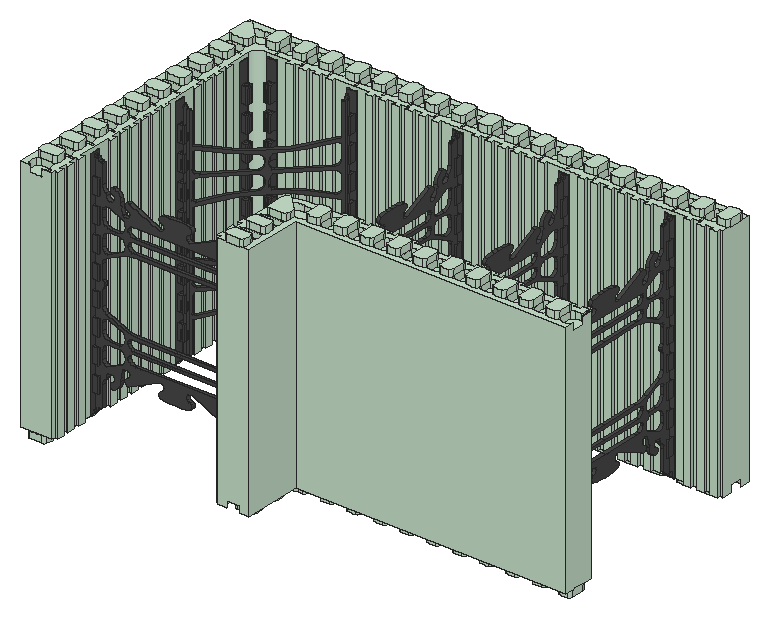
Revit family (continued)
Forms (in)
  Extrusion 50, void
    sketch origin (3, 3, 0) x (-1, 0, 0) y (0, -1, 0)
      loop
        arc (-1.17308, -5.13595) -> (-1.04785, -5.04517) -> (-1, -4.89808) r 0.25
        line (-1, -4.89808) -> (-1, -3.97692)
        arc (-1, -3.97692) -> (-1.04785, -3.82983) -> (-1.17308, -3.73905) r 0.25
        arc (-1.17308, -3.73905) -> (-1.42092, -3.69045) -> (-1.67323, -3.70172) r 1.0625
        arc (-1.67323, -3.70172) -> (-1.72385, -3.68771) -> (-1.74592, -3.64005) r 0.0625
        line (-1.74592, -3.64005) -> (-1.74592, -3.41845) -> (-1.91675, -3.41845) -> (-1.91675, -3.76455)
        arc (-1.91675, -3.76455) -> (-1.92106, -3.78736) -> (-1.9334, -3.80702) r 0.0625
        arc (-1.9334, -3.80702) -> (-1.98276, -3.88568) -> (-2, -3.97692) r 0.25
        line (-2, -3.97692) -> (-2, -4.89808)
        arc (-2, -4.89808) -> (-1.95215, -5.04517) -> (-1.82692, -5.13595) r 0.25
    from 0 to 0.5
  Extrusion 51, void
    sketch origin (5, 3, 0) x (-1, 0, 0) y (0, -1, 0)
      loop
        arc (-1.82692, -5.13595) -> (-1.5, -5.1875) -> (-1.17308, -5.13595) r 1.0625
        arc (-1.17308, -5.13595) -> (-1.04785, -5.04517) -> (-1, -4.89808) r 0.25
        line (-1, -4.89808) -> (-1, -3.97692)
        arc (-1, -3.97692) -> (-1.04785, -3.82983) -> (-1.17308, -3.73905) r 0.25
        arc (-1.17308, -3.73905) -> (-1.42092, -3.69045) -> (-1.67323, -3.70172) r 1.0625
        arc (-1.67323, -3.70172) -> (-1.72385, -3.68771) -> (-1.74592, -3.64005) r 0.0625
        line (-1.74592, -3.64005) -> (-1.74592, -3.41845) -> (-1.91675, -3.41845) -> (-1.91675, -3.76455)
        arc (-1.91675, -3.76455) -> (-1.92106, -3.78736) -> (-1.9334, -3.80702) r 0.0625
        arc (-1.9334, -3.80702) -> (-1.98276, -3.88568) -> (-2, -3.97692) r 0.25
        line (-2, -3.97692) -> (-2, -4.89808)
        arc (-2, -4.89808) -> (-1.95215, -5.04517) -> (-1.82692, -5.13595) r 0.25
    from 0 to 0.5
  Extrusion 52, void
    sketch origin (7, 3, 0) x (-1, 0, 0) y (0, -1, 0)
      loop
        arc (-1.82692, -5.13595) -> (-1.5, -5.1875) -> (-1.17308, -5.13595) r 1.0625
        arc (-1.17308, -5.13595) -> (-1.04785, -5.04517) -> (-1, -4.89808) r 0.25
        line (-1, -4.89808) -> (-1, -3.97692)
        arc (-1, -3.97692) -> (-1.04785, -3.82983) -> (-1.17308, -3.73905) r 0.25
        arc (-1.17308, -3.73905) -> (-1.42092, -3.69045) -> (-1.67323, -3.70172) r 1.0625
        arc (-1.67323, -3.70172) -> (-1.72385, -3.68771) -> (-1.74592, -3.64005) r 0.0625
        line (-1.74592, -3.64005) -> (-1.74592, -3.41845) -> (-1.91675, -3.41845) -> (-1.91675, -3.76455)
        arc (-1.91675, -3.76455) -> (-1.92106, -3.78736) -> (-1.9334, -3.80702) r 0.0625
        arc (-1.9334, -3.80702) -> (-1.98276, -3.88568) -> (-2, -3.97692) r 0.25
        line (-2, -3.97692) -> (-2, -4.89808)
        arc (-2, -4.89808) -> (-1.95215, -5.04517) -> (-1.82692, -5.13595) r 0.25
    from 0 to 0.5
  Extrusion 53, void
    sketch origin (9, 3, 0) x (-1, 0, 0) y (0, -1, 0)
      loop
        arc (-1.82692, -5.13595) -> (-1.5, -5.1875) -> (-1.17308, -5.13595) r 1.0625
        arc (-1.17308, -5.13595) -> (-1.04785, -5.04517) -> (-1, -4.89808) r 0.25
        line (-1, -4.89808) -> (-1, -3.97692)
        arc (-1, -3.97692) -> (-1.04785, -3.82983) -> (-1.17308, -3.73905) r 0.25
        arc (-1.17308, -3.73905) -> (-1.42092, -3.69045) -> (-1.67323, -3.70172) r 1.0625
        arc (-1.67323, -3.70172) -> (-1.72385, -3.68771) -> (-1.74592, -3.64005) r 0.0625
        line (-1.74592, -3.64005) -> (-1.74592, -3.41845) -> (-1.91675, -3.41845) -> (-1.91675, -3.76455)
        arc (-1.91675, -3.76455) -> (-1.92106, -3.78736) -> (-1.9334, -3.80702) r 0.0625
        arc (-1.9334, -3.80702) -> (-1.98276, -3.88568) -> (-2, -3.97692) r 0.25
        line (-2, -3.97692) -> (-2, -4.89808)
        arc (-2, -4.89808) -> (-1.95215, -5.04517) -> (-1.82692, -5.13595) r 0.25
    from 0 to 0.5
  Extrusion 54, void
    sketch origin (11, 3, 0) x (-1, 0, 0) y (0, -1, 0)
      loop
        arc (-1.82692, -5.13595) -> (-1.5, -5.1875) -> (-1.17308, -5.13595) r 1.0625
        arc (-1.17308, -5.13595) -> (-1.04785, -5.04517) -> (-1, -4.89808) r 0.25
        line (-1, -4.89808) -> (-1, -3.97692)
        arc (-1, -3.97692) -> (-1.04785, -3.82983) -> (-1.17308, -3.73905) r 0.25
        arc (-1.17308, -3.73905) -> (-1.42092, -3.69045) -> (-1.67323, -3.70172) r 1.0625
        arc (-1.67323, -3.70172) -> (-1.72385, -3.68771) -> (-1.74592, -3.64005) r 0.0625
        line (-1.74592, -3.64005) -> (-1.74592, -3.41845) -> (-1.91675, -3.41845) -> (-1.91675, -3.76455)
        arc (-1.91675, -3.76455) -> (-1.92106, -3.78736) -> (-1.9334, -3.80702) r 0.0625
        arc (-1.9334, -3.80702) -> (-1.98276, -3.88568) -> (-2, -3.97692) r 0.25
        line (-2, -3.97692) -> (-2, -4.89808)
        arc (-2, -4.89808) -> (-1.95215, -5.04517) -> (-1.82692, -5.13595) r 0.25
    from 0 to 0.5
  Extrusion 55, void
    sketch origin (13, 3, 0) x (-1, 0, 0) y (0, -1, 0)
      loop
        arc (-1.82692, -5.13595) -> (-1.5, -5.1875) -> (-1.17308, -5.13595) r 1.0625
        arc (-1.17308, -5.13595) -> (-1.04785, -5.04517) -> (-1, -4.89808) r 0.25
        line (-1, -4.89808) -> (-1, -3.97692)
        arc (-1, -3.97692) -> (-1.04785, -3.82983) -> (-1.17308, -3.73905) r 0.25
        arc (-1.17308, -3.73905) -> (-1.42092, -3.69045) -> (-1.67323, -3.70172) r 1.0625
        arc (-1.67323, -3.70172) -> (-1.72385, -3.68771) -> (-1.74592, -3.64005) r 0.0625
        line (-1.74592, -3.64005) -> (-1.74592, -3.41845) -> (-1.91675, -3.41845) -> (-1.91675, -3.76455)
        arc (-1.91675, -3.76455) -> (-1.92106, -3.78736) -> (-1.9334, -3.80702) r 0.0625
        arc (-1.9334, -3.80702) -> (-1.98276, -3.88568) -> (-2, -3.97692) r 0.25
        line (-2, -3.97692) -> (-2, -4.89808)
        arc (-2, -4.89808) -> (-1.95215, -5.04517) -> (-1.82692, -5.13595) r 0.25
    from 0 to 0.5
  Extrusion 56, void
    sketch origin (15, 3, 0) x (-1, 0, 0) y (0, -1, 0)
      loop
        arc (-1.82692, -5.13595) -> (-1.5, -5.1875) -> (-1.17308, -5.13595) r 1.0625
        arc (-1.17308, -5.13595) -> (-1.04785, -5.04517) -> (-1, -4.89808) r 0.25
        line (-1, -4.89808) -> (-1, -3.97692)
        arc (-1, -3.97692) -> (-1.04785, -3.82983) -> (-1.17308, -3.73905) r 0.25
        arc (-1.17308, -3.73905) -> (-1.42092, -3.69045) -> (-1.67323, -3.70172) r 1.0625
        arc (-1.67323, -3.70172) -> (-1.72385, -3.68771) -> (-1.74592, -3.64005) r 0.0625
        line (-1.74592, -3.64005) -> (-1.74592, -3.41845) -> (-1.91675, -3.41845) -> (-1.91675, -3.76455)
        arc (-1.91675, -3.76455) -> (-1.92106, -3.78736) -> (-1.9334, -3.80702) r 0.0625
        arc (-1.9334, -3.80702) -> (-1.98276, -3.88568) -> (-2, -3.97692) r 0.25
        line (-2, -3.97692) -> (-2, -4.89808)
        arc (-2, -4.89808) -> (-1.95215, -5.04517) -> (-1.82692, -5.13595) r 0.25
    from 0 to 0.5
  Extrusion 57, void
    sketch origin (17, 3, 0) x (-1, 0, 0) y (0, -1, 0)
      loop
        arc (-1.82692, -5.13595) -> (-1.5, -5.1875) -> (-1.17308, -5.13595) r 1.0625
        arc (-1.17308, -5.13595) -> (-1.04785, -5.04517) -> (-1, -4.89808) r 0.25
        line (-1, -4.89808) -> (-1, -3.97692)
        arc (-1, -3.97692) -> (-1.04785, -3.82983) -> (-1.17308, -3.73905) r 0.25
        arc (-1.17308, -3.73905) -> (-1.42092, -3.69045) -> (-1.67323, -3.70172) r 1.0625
        arc (-1.67323, -3.70172) -> (-1.72385, -3.68771) -> (-1.74592, -3.64005) r 0.0625
        line (-1.74592, -3.64005) -> (-1.74592, -3.41845) -> (-1.91675, -3.41845) -> (-1.91675, -3.76455)
        arc (-1.91675, -3.76455) -> (-1.92106, -3.78736) -> (-1.9334, -3.80702) r 0.0625
        arc (-1.9334, -3.80702) -> (-1.98276, -3.88568) -> (-2, -3.97692) r 0.25
        line (-2, -3.97692) -> (-2, -4.89808)
        arc (-2, -4.89808) -> (-1.95215, -5.04517) -> (-1.82692, -5.13595) r 0.25
    from 0 to 0.5
  Extrusion 58, void
    sketch origin (19, 3, 0) x (-1, 0, 0) y (0, -1, 0)
      loop
        arc (-1.82692, -5.13595) -> (-1.5, -5.1875) -> (-1.17308, -5.13595) r 1.0625
        arc (-1.17308, -5.13595) -> (-1.04785, -5.04517) -> (-1, -4.89808) r 0.25
        line (-1, -4.89808) -> (-1, -3.97692)
        arc (-1, -3.97692) -> (-1.04785, -3.82983) -> (-1.17308, -3.73905) r 0.25
        arc (-1.17308, -3.73905) -> (-1.42092, -3.69045) -> (-1.67323, -3.70172) r 1.0625
        arc (-1.67323, -3.70172) -> (-1.72385, -3.68771) -> (-1.74592, -3.64005) r 0.0625
        line (-1.74592, -3.64005) -> (-1.74592, -3.41845) -> (-1.91675, -3.41845) -> (-1.91675, -3.76455)
        arc (-1.91675, -3.76455) -> (-1.92106, -3.78736) -> (-1.9334, -3.80702) r 0.0625
        arc (-1.9334, -3.80702) -> (-1.98276, -3.88568) -> (-2, -3.97692) r 0.25
        line (-2, -3.97692) -> (-2, -4.89808)
        arc (-2, -4.89808) -> (-1.95215, -5.04517) -> (-1.82692, -5.13595) r 0.25
    from 0 to 0.5
  Extrusion 59, void
    sketch origin (21, 3, 0) x (-1, 0, 0) y (0, -1, 0)
      loop
        arc (-1.82692, -5.13595) -> (-1.5, -5.1875) -> (-1.17308, -5.13595) r 1.0625
        arc (-1.17308, -5.13595) -> (-1.04785, -5.04517) -> (-1, -4.89808) r 0.25
        line (-1, -4.89808) -> (-1, -3.97692)
        arc (-1, -3.97692) -> (-1.04785, -3.82983) -> (-1.17308, -3.73905) r 0.25
        arc (-1.17308, -3.73905) -> (-1.42092, -3.69045) -> (-1.67323, -3.70172) r 1.0625
        arc (-1.67323, -3.70172) -> (-1.72385, -3.68771) -> (-1.74592, -3.64005) r 0.0625
        line (-1.74592, -3.64005) -> (-1.74592, -3.41845) -> (-1.91675, -3.41845) -> (-1.91675, -3.76455)
        arc (-1.91675, -3.76455) -> (-1.92106, -3.78736) -> (-1.9334, -3.80702) r 0.0625
        arc (-1.9334, -3.80702) -> (-1.98276, -3.88568) -> (-2, -3.97692) r 0.25
        line (-2, -3.97692) -> (-2, -4.89808)
        arc (-2, -4.89808) -> (-1.95215, -5.04517) -> (-1.82692, -5.13595) r 0.25
    from 0 to 0.5
  Extrusion 60, void
    sketch origin (3, -21, 0) x (1, 0, 0) y (0, 1, 0)
      loop
        arc (3.97692, 9) -> (3.82983, 8.95215) -> (3.73905, 8.82692) r 0.25
        arc (3.73905, 8.82692) -> (3.69045, 8.57908) -> (3.70172, 8.32677) r 1.0625
        arc (3.70172, 8.32677) -> (3.68771, 8.27615) -> (3.64005, 8.25408) r 0.0625
        line (3.64005, 8.25408) -> (3.41845, 8.25408) -> (3.41845, 8.08325) -> (3.76455, 8.08325)
        arc (3.76455, 8.08325) -> (3.78736, 8.07894) -> (3.80702, 8.0666) r 0.0625
        arc (3.80702, 8.0666) -> (3.88568, 8.01724) -> (3.97692, 8) r 0.25
        line (3.97692, 8) -> (4.89808, 8)
        arc (4.89808, 8) -> (5.04517, 8.04785) -> (5.13595, 8.17308) r 0.25
        arc (5.13595, 8.17308) -> (5.1875, 8.5) -> (5.13595, 8.82692) r 1.0625
        arc (5.13595, 8.82692) -> (5.04517, 8.95215) -> (4.89808, 9) r 0.25
        line (4.89808, 9) -> (3.97692, 9)
    from 0 to 0.5
  Extrusion 61, void
    sketch origin (3, -19, 0) x (1, 0, 0) y (0, 1, 0)
      loop
        arc (3.97692, 9) -> (3.82983, 8.95215) -> (3.73905, 8.82692) r 0.25
        arc (3.73905, 8.82692) -> (3.69045, 8.57908) -> (3.70172, 8.32677) r 1.0625
        arc (3.70172, 8.32677) -> (3.68771, 8.27615) -> (3.64005, 8.25408) r 0.0625
        line (3.64005, 8.25408) -> (3.41845, 8.25408) -> (3.41845, 8.08325) -> (3.76455, 8.08325)
        arc (3.76455, 8.08325) -> (3.78736, 8.07894) -> (3.80702, 8.0666) r 0.0625
        arc (3.80702, 8.0666) -> (3.88568, 8.01724) -> (3.97692, 8) r 0.25
        line (3.97692, 8) -> (4.89808, 8)
        arc (4.89808, 8) -> (5.04517, 8.04785) -> (5.13595, 8.17308) r 0.25
        arc (5.13595, 8.17308) -> (5.1875, 8.5) -> (5.13595, 8.82692) r 1.0625
        arc (5.13595, 8.82692) -> (5.04517, 8.95215) -> (4.89808, 9) r 0.25
        line (4.89808, 9) -> (3.97692, 9)
    from 0 to 0.5
  Extrusion 62, void
    sketch origin (3, -3, 0) x (0, -1, 0) y (1, 0, 0)
      loop
        line (4.6875, 3.6875) -> (5.5, 3.6875)
        arc (5.5, 3.6875) -> (5.58691, 3.69106) -> (5.67323, 3.70172) r 1.0625
        arc (5.67323, 3.70172) -> (5.72385, 3.68771) -> (5.74592, 3.64005) r 0.0625
        line (5.74592, 3.64005) -> (5.74592, 3.41845) -> (5.91675, 3.41845) -> (5.91675, 3.76455)
        arc (5.91675, 3.76455) -> (5.92106, 3.78736) -> (5.9334, 3.80702) r 0.0625
        arc (5.9334, 3.80702) -> (5.98276, 3.88568) -> (6, 3.97692) r 0.25
        line (6, 3.97692) -> (6, 4.89808)
        arc (6, 4.89808) -> (5.95215, 5.04517) -> (5.82692, 5.13595) r 0.25
        arc (5.82692, 5.13595) -> (5.66548, 5.17453) -> (5.5, 5.1875) r 1.0625
        line (5.5, 5.1875) -> (5.1875, 5.1875) -> (3.98039, 3.98039)
        arc (3.98039, 3.98039) -> (4.30482, 3.76362) -> (4.6875, 3.6875) r 1
    from 0 to 0.5
  Extrusion 63, void
    sketch origin (17, -3, 0) x (-1, 0, 0) y (0, -1, 0)
      loop
        arc (7, 3.97692) -> (7.04785, 3.82983) -> (7.17308, 3.73905) r 0.25
        arc (7.17308, 3.73905) -> (7.42092, 3.69045) -> (7.67323, 3.70172) r 1.0625
        arc (7.67323, 3.70172) -> (7.72385, 3.68771) -> (7.74592, 3.64005) r 0.0625
        line (7.74592, 3.64005) -> (7.74592, 3.41845) -> (7.91675, 3.41845) -> (7.91675, 3.76455)
        arc (7.91675, 3.76455) -> (7.92106, 3.78736) -> (7.9334, 3.80702) r 0.0625
        arc (7.9334, 3.80702) -> (7.98276, 3.88568) -> (8, 3.97692) r 0.25
        line (8, 3.97692) -> (8, 4.89808)
        arc (8, 4.89808) -> (7.95215, 5.04517) -> (7.82692, 5.13595) r 0.25
        arc (7.82692, 5.13595) -> (7.5, 5.1875) -> (7.17308, 5.13595) r 1.0625
        arc (7.17308, 5.13595) -> (7.04785, 5.04517) -> (7, 4.89808) r 0.25
        line (7, 4.89808) -> (7, 3.97692)
    from 0 to 0.5
  Extrusion 64, void
    sketch origin (19, -3, 0) x (-1, 0, 0) y (0, -1, 0)
      loop
        arc (7, 3.97692) -> (7.04785, 3.82983) -> (7.17308, 3.73905) r 0.25
        arc (7.17308, 3.73905) -> (7.42092, 3.69045) -> (7.67323, 3.70172) r 1.0625
        arc (7.67323, 3.70172) -> (7.72385, 3.68771) -> (7.74592, 3.64005) r 0.0625
        line (7.74592, 3.64005) -> (7.74592, 3.41845) -> (7.91675, 3.41845) -> (7.91675, 3.76455)
        arc (7.91675, 3.76455) -> (7.92106, 3.78736) -> (7.9334, 3.80702) r 0.0625
        arc (7.9334, 3.80702) -> (7.98276, 3.88568) -> (8, 3.97692) r 0.25
        line (8, 3.97692) -> (8, 4.89808)
        arc (8, 4.89808) -> (7.95215, 5.04517) -> (7.82692, 5.13595) r 0.25
        arc (7.82692, 5.13595) -> (7.5, 5.1875) -> (7.17308, 5.13595) r 1.0625
        arc (7.17308, 5.13595) -> (7.04785, 5.04517) -> (7, 4.89808) r 0.25
        line (7, 4.89808) -> (7, 3.97692)
    from 0 to 0.5
  Extrusion 65, void
    sketch origin (21, -3, 0) x (-1, 0, 0) y (0, -1, 0)
      loop
        arc (7, 3.97692) -> (7.04785, 3.82983) -> (7.17308, 3.73905) r 0.25
        arc (7.17308, 3.73905) -> (7.42092, 3.69045) -> (7.67323, 3.70172) r 1.0625
        arc (7.67323, 3.70172) -> (7.72385, 3.68771) -> (7.74592, 3.64005) r 0.0625
        line (7.74592, 3.64005) -> (7.74592, 3.41845) -> (7.91675, 3.41845) -> (7.91675, 3.76455)
        arc (7.91675, 3.76455) -> (7.92106, 3.78736) -> (7.9334, 3.80702) r 0.0625
        arc (7.9334, 3.80702) -> (7.98276, 3.88568) -> (8, 3.97692) r 0.25
        line (8, 3.97692) -> (8, 4.89808)
        arc (8, 4.89808) -> (7.95215, 5.04517) -> (7.82692, 5.13595) r 0.25
        arc (7.82692, 5.13595) -> (7.5, 5.1875) -> (7.17308, 5.13595) r 1.0625
        arc (7.17308, 5.13595) -> (7.04785, 5.04517) -> (7, 4.89808) r 0.25
        line (7, 4.89808) -> (7, 3.97692)
    from 0 to 0.5
  Extrusion 66, void
    sketch origin (23, -3, 0) x (-1, 0, 0) y (0, -1, 0)
      loop
        arc (7, 3.97692) -> (7.04785, 3.82983) -> (7.17308, 3.73905) r 0.25
        arc (7.17308, 3.73905) -> (7.42092, 3.69045) -> (7.67323, 3.70172) r 1.0625
        arc (7.67323, 3.70172) -> (7.72385, 3.68771) -> (7.74592, 3.64005) r 0.0625
        line (7.74592, 3.64005) -> (7.74592, 3.41845) -> (7.91675, 3.41845) -> (7.91675, 3.76455)
        arc (7.91675, 3.76455) -> (7.92106, 3.78736) -> (7.9334, 3.80702) r 0.0625
        arc (7.9334, 3.80702) -> (7.98276, 3.88568) -> (8, 3.97692) r 0.25
        line (8, 3.97692) -> (8, 4.89808)
        arc (8, 4.89808) -> (7.95215, 5.04517) -> (7.82692, 5.13595) r 0.25
        arc (7.82692, 5.13595) -> (7.5, 5.1875) -> (7.17308, 5.13595) r 1.0625
        arc (7.17308, 5.13595) -> (7.04785, 5.04517) -> (7, 4.89808) r 0.25
        line (7, 4.89808) -> (7, 3.97692)
    from 0 to 0.5
  Extrusion 67, void
    sketch origin (25, -3, 0) x (-1, 0, 0) y (0, -1, 0)
      loop
        arc (7, 3.97692) -> (7.04785, 3.82983) -> (7.17308, 3.73905) r 0.25
        arc (7.17308, 3.73905) -> (7.42092, 3.69045) -> (7.67323, 3.70172) r 1.0625
        arc (7.67323, 3.70172) -> (7.72385, 3.68771) -> (7.74592, 3.64005) r 0.0625
        line (7.74592, 3.64005) -> (7.74592, 3.41845) -> (7.91675, 3.41845) -> (7.91675, 3.76455)
        arc (7.91675, 3.76455) -> (7.92106, 3.78736) -> (7.9334, 3.80702) r 0.0625
        arc (7.9334, 3.80702) -> (7.98276, 3.88568) -> (8, 3.97692) r 0.25
        line (8, 3.97692) -> (8, 4.89808)
        arc (8, 4.89808) -> (7.95215, 5.04517) -> (7.82692, 5.13595) r 0.25
        arc (7.82692, 5.13595) -> (7.5, 5.1875) -> (7.17308, 5.13595) r 1.0625
        arc (7.17308, 5.13595) -> (7.04785, 5.04517) -> (7, 4.89808) r 0.25
        line (7, 4.89808) -> (7, 3.97692)
    from 0 to 0.5
  Extrusion 68, void
    sketch origin (27, -3, 0) x (-1, 0, 0) y (0, -1, 0)
      loop
        arc (7, 3.97692) -> (7.04785, 3.82983) -> (7.17308, 3.73905) r 0.25
        arc (7.17308, 3.73905) -> (7.42092, 3.69045) -> (7.67323, 3.70172) r 1.0625
        arc (7.67323, 3.70172) -> (7.72385, 3.68771) -> (7.74592, 3.64005) r 0.0625
        line (7.74592, 3.64005) -> (7.74592, 3.41845) -> (7.91675, 3.41845) -> (7.91675, 3.76455)
        arc (7.91675, 3.76455) -> (7.92106, 3.78736) -> (7.9334, 3.80702) r 0.0625
        arc (7.9334, 3.80702) -> (7.98276, 3.88568) -> (8, 3.97692) r 0.25
        line (8, 3.97692) -> (8, 4.89808)
        arc (8, 4.89808) -> (7.95215, 5.04517) -> (7.82692, 5.13595) r 0.25
        arc (7.82692, 5.13595) -> (7.5, 5.1875) -> (7.17308, 5.13595) r 1.0625
        arc (7.17308, 5.13595) -> (7.04785, 5.04517) -> (7, 4.89808) r 0.25
        line (7, 4.89808) -> (7, 3.97692)
    from 0 to 0.5
  Extrusion 69, void
    sketch origin (29, -3, 0) x (-1, 0, 0) y (0, -1, 0)
      loop
        arc (7, 3.97692) -> (7.04785, 3.82983) -> (7.17308, 3.73905) r 0.25
        arc (7.17308, 3.73905) -> (7.42092, 3.69045) -> (7.67323, 3.70172) r 1.0625
        arc (7.67323, 3.70172) -> (7.72385, 3.68771) -> (7.74592, 3.64005) r 0.0625
        line (7.74592, 3.64005) -> (7.74592, 3.41845) -> (7.91675, 3.41845) -> (7.91675, 3.76455)
        arc (7.91675, 3.76455) -> (7.92106, 3.78736) -> (7.9334, 3.80702) r 0.0625
        arc (7.9334, 3.80702) -> (7.98276, 3.88568) -> (8, 3.97692) r 0.25
        line (8, 3.97692) -> (8, 4.89808)
        arc (8, 4.89808) -> (7.95215, 5.04517) -> (7.82692, 5.13595) r 0.25
        arc (7.82692, 5.13595) -> (7.5, 5.1875) -> (7.17308, 5.13595) r 1.0625
        arc (7.17308, 5.13595) -> (7.04785, 5.04517) -> (7, 4.89808) r 0.25
        line (7, 4.89808) -> (7, 3.97692)
    from 0 to 0.5
  Extrusion 70, void
    sketch origin (31, -3, 0) x (-1, 0, 0) y (0, -1, 0)
      loop
        arc (7, 3.97692) -> (7.04785, 3.82983) -> (7.17308, 3.73905) r 0.25
        arc (7.17308, 3.73905) -> (7.42092, 3.69045) -> (7.67323, 3.70172) r 1.0625
        arc (7.67323, 3.70172) -> (7.72385, 3.68771) -> (7.74592, 3.64005) r 0.0625
        line (7.74592, 3.64005) -> (7.74592, 3.41845) -> (7.91675, 3.41845) -> (7.91675, 3.76455)
        arc (7.91675, 3.76455) -> (7.92106, 3.78736) -> (7.9334, 3.80702) r 0.0625
        arc (7.9334, 3.80702) -> (7.98276, 3.88568) -> (8, 3.97692) r 0.25
        line (8, 3.97692) -> (8, 4.89808)
        arc (8, 4.89808) -> (7.95215, 5.04517) -> (7.82692, 5.13595) r 0.25
        arc (7.82692, 5.13595) -> (7.5, 5.1875) -> (7.17308, 5.13595) r 1.0625
        arc (7.17308, 5.13595) -> (7.04785, 5.04517) -> (7, 4.89808) r 0.25
        line (7, 4.89808) -> (7, 3.97692)
    from 0 to 0.5
  Extrusion 71, void
    sketch origin (33, -3, 0) x (-1, 0, 0) y (0, -1, 0)
      loop
        arc (7, 3.97692) -> (7.04785, 3.82983) -> (7.17308, 3.73905) r 0.25
        arc (7.17308, 3.73905) -> (7.42092, 3.69045) -> (7.67323, 3.70172) r 1.0625
        arc (7.67323, 3.70172) -> (7.72385, 3.68771) -> (7.74592, 3.64005) r 0.0625
        line (7.74592, 3.64005) -> (7.74592, 3.41845) -> (7.91675, 3.41845) -> (7.91675, 3.76455)
        arc (7.91675, 3.76455) -> (7.92106, 3.78736) -> (7.9334, 3.80702) r 0.0625
        arc (7.9334, 3.80702) -> (7.98276, 3.88568) -> (8, 3.97692) r 0.25
        line (8, 3.97692) -> (8, 4.89808)
        arc (8, 4.89808) -> (7.95215, 5.04517) -> (7.82692, 5.13595) r 0.25
        arc (7.82692, 5.13595) -> (7.5, 5.1875) -> (7.17308, 5.13595) r 1.0625
        arc (7.17308, 5.13595) -> (7.04785, 5.04517) -> (7, 4.89808) r 0.25
        line (7, 4.89808) -> (7, 3.97692)
    from 0 to 0.5
  Extrusion 72, void
    sketch origin (35, -3, 0) x (-1, 0, 0) y (0, -1, 0)
      loop
        arc (7, 3.97692) -> (7.04785, 3.82983) -> (7.17308, 3.73905) r 0.25
        arc (7.17308, 3.73905) -> (7.42092, 3.69045) -> (7.67323, 3.70172) r 1.0625
        arc (7.67323, 3.70172) -> (7.72385, 3.68771) -> (7.74592, 3.64005) r 0.0625
        line (7.74592, 3.64005) -> (7.74592, 3.41845) -> (7.91675, 3.41845) -> (7.91675, 3.76455)
        arc (7.91675, 3.76455) -> (7.92106, 3.78736) -> (7.9334, 3.80702) r 0.0625
        arc (7.9334, 3.80702) -> (7.98276, 3.88568) -> (8, 3.97692) r 0.25
        line (8, 3.97692) -> (8, 4.89808)
        arc (8, 4.89808) -> (7.95215, 5.04517) -> (7.82692, 5.13595) r 0.25
        arc (7.82692, 5.13595) -> (7.5, 5.1875) -> (7.17308, 5.13595) r 1.0625
        arc (7.17308, 5.13595) -> (7.04785, 5.04517) -> (7, 4.89808) r 0.25
        line (7, 4.89808) -> (7, 3.97692)
    from 0 to 0.5
  Extrusion 73, void
    sketch origin (-3, 3, 0) x (1, 0, 0) y (0, 1, 0)
      loop
        line (-3.6875, 3.6875) -> (-4.89461, 4.89461)
        arc (-4.89461, 4.89461) -> (-5.11138, 4.57018) -> (-5.1875, 4.1875) r 1
        line (-5.1875, 4.1875) -> (-5.1875, 3.5)
        arc (-5.1875, 3.5) -> (-5.17453, 3.33452) -> (-5.13595, 3.17308) r 1.0625
        arc (-5.13595, 3.17308) -> (-5.04517, 3.04785) -> (-4.89808, 3) r 0.25
        line (-4.89808, 3) -> (-3.97692, 3)
        arc (-3.97692, 3) -> (-3.82983, 3.04785) -> (-3.73905, 3.17308) r 0.25
        arc (-3.73905, 3.17308) -> (-3.70047, 3.33452) -> (-3.6875, 3.5) r 1.0625
        line (-3.6875, 3.5) -> (-3.6875, 3.6875)
    from 0 to 0.5
  Extrusion 74, solid, material "NUDURA Expanded Polystyrene Foam Insulation"
    sketch origin (3, -3, 0) x (1, 0, 0) y (0, 1, 0)
      loop
        line (5.1875, -5.1875) -> (5.5, -5.1875)
        arc (5.5, -5.1875) -> (5.66548, -5.17453) -> (5.82692, -5.13595) r 1.0625
        arc (5.82692, -5.13595) -> (5.95215, -5.04517) -> (6, -4.89808) r 0.25
        line (6, -4.89808) -> (6, -3.97692)
        arc (6, -3.97692) -> (5.98276, -3.88568) -> (5.9334, -3.80702) r 0.25
        arc (5.9334, -3.80702) -> (5.88453, -3.7662) -> (5.82692, -3.73905) r 0.25
        arc (5.82692, -3.73905) -> (5.75077, -3.71752) -> (5.67323, -3.70172) r 1.0625
        arc (5.67323, -3.70172) -> (5.58691, -3.69106) -> (5.5, -3.6875) r 1.0625
        line (5.5, -3.6875) -> (4.6875, -3.6875)
        arc (4.6875, -3.6875) -> (4.30482, -3.76362) -> (3.98039, -3.98039) r 1
        line (3.98039, -3.98039) -> (5.1875, -5.1875)
    from 0 to -0.5
  Extrusion 75, solid, material "NUDURA Expanded Polystyrene Foam Insulation"
    sketch origin (-3, 3, 0) x (1, 0, 0) y (0, 1, 0)
      loop
        arc (-4.1875, 5.1875) -> (-4.57018, 5.11138) -> (-4.89461, 4.89461) r 1
        line (-4.89461, 4.89461) -> (-3.6875, 3.6875) -> (-3.5, 3.6875)
        arc (-3.5, 3.6875) -> (-3.33452, 3.70047) -> (-3.17308, 3.73905) r 1.0625
        arc (-3.17308, 3.73905) -> (-3.04785, 3.82983) -> (-3, 3.97692) r 0.25
        line (-3, 3.97692) -> (-3, 4.89808)
        arc (-3, 4.89808) -> (-3.04785, 5.04517) -> (-3.17308, 5.13595) r 0.25
        arc (-3.17308, 5.13595) -> (-3.33452, 5.17453) -> (-3.5, 5.1875) r 1.0625
        line (-3.5, 5.1875) -> (-4.1875, 5.1875)
    from 0 to -0.5
  Extrusion 76, void
    sketch origin (-3, 1, 0) x (1, 0, 0) y (0, 1, 0)
      loop
        arc (-5.13595, -9.82692) -> (-5.04517, -9.95215) -> (-4.89808, -10) r 0.25
        line (-4.89808, -10) -> (-3.97692, -10)
        arc (-3.97692, -10) -> (-3.88568, -9.98276) -> (-3.80702, -9.9334) r 0.25
        arc (-3.80702, -9.9334) -> (-3.78736, -9.92106) -> (-3.76455, -9.91675) r 0.0625
        line (-3.76455, -9.91675) -> (-3.41845, -9.91675) -> (-3.41845, -9.74592) -> (-3.64005, -9.74592)
        arc (-3.64005, -9.74592) -> (-3.68771, -9.72385) -> (-3.70172, -9.67323) r 0.0625
        arc (-3.70172, -9.67323) -> (-3.69045, -9.42092) -> (-3.73905, -9.17308) r 1.0625
        arc (-3.73905, -9.17308) -> (-3.82983, -9.04785) -> (-3.97692, -9) r 0.25
        line (-3.97692, -9) -> (-4.89808, -9)
        arc (-4.89808, -9) -> (-5.04517, -9.04785) -> (-5.13595, -9.17308) r 0.25
        arc (-5.13595, -9.17308) -> (-5.1875, -9.5) -> (-5.13595, -9.82692) r 1.0625
    from 18 to 17.5
  Extrusion 77, void
    sketch origin (25, 3, 0) x (1, 0, 0) y (0, 1, 0)
      loop
        arc (-1.82692, 5.13595) -> (-1.95215, 5.04517) -> (-2, 4.89808) r 0.25
        line (-2, 4.89808) -> (-2, 3.97692)
        arc (-2, 3.97692) -> (-1.98276, 3.88568) -> (-1.9334, 3.80702) r 0.25
        arc (-1.9334, 3.80702) -> (-1.92106, 3.78736) -> (-1.91675, 3.76455) r 0.0625
        line (-1.91675, 3.76455) -> (-1.91675, 3.41845) -> (-1.74592, 3.41845) -> (-1.74592, 3.64005)
        arc (-1.74592, 3.64005) -> (-1.72385, 3.68771) -> (-1.67323, 3.70172) r 0.0625
        arc (-1.67323, 3.70172) -> (-1.42092, 3.69045) -> (-1.17308, 3.73905) r 1.0625
        arc (-1.17308, 3.73905) -> (-1.04785, 3.82983) -> (-1, 3.97692) r 0.25
        line (-1, 3.97692) -> (-1, 4.89808)
        arc (-1, 4.89808) -> (-1.04785, 5.04517) -> (-1.17308, 5.13595) r 0.25
        arc (-1.17308, 5.13595) -> (-1.5, 5.1875) -> (-1.82692, 5.13595) r 1.0625
    from 18 to 17.5
  Extrusion 78, void
    sketch origin (23, 3, 0) x (-1, 0, 0) y (0, -1, 0)
      loop
        arc (-1.82692, -5.13595) -> (-1.5, -5.1875) -> (-1.17308, -5.13595) r 1.0625
        arc (-1.17308, -5.13595) -> (-1.04785, -5.04517) -> (-1, -4.89808) r 0.25
        line (-1, -4.89808) -> (-1, -3.97692)
        arc (-1, -3.97692) -> (-1.04785, -3.82983) -> (-1.17308, -3.73905) r 0.25
        arc (-1.17308, -3.73905) -> (-1.42092, -3.69045) -> (-1.67323, -3.70172) r 1.0625
        arc (-1.67323, -3.70172) -> (-1.72385, -3.68771) -> (-1.74592, -3.64005) r 0.0625
        line (-1.74592, -3.64005) -> (-1.74592, -3.41845) -> (-1.91675, -3.41845) -> (-1.91675, -3.76455)
        arc (-1.91675, -3.76455) -> (-1.92106, -3.78736) -> (-1.9334, -3.80702) r 0.0625
        arc (-1.9334, -3.80702) -> (-1.98276, -3.88568) -> (-2, -3.97692) r 0.25
        line (-2, -3.97692) -> (-2, -4.89808)
        arc (-2, -4.89808) -> (-1.95215, -5.04517) -> (-1.82692, -5.13595) r 0.25
    from 0 to 0.5
  Extrusion 79, void
    sketch origin (-3, 4.40791, 0) x (1, 0, 0) y (0, 1, 0)
      loop
        arc (-5.13595, -11.58099) -> (-5.1875, -11.90791) -> (-5.13595, -12.23483) r 1.0625
        arc (-5.13595, -12.23483) -> (-5.04517, -12.36006) -> (-4.89808, -12.40791) r 0.25
        line (-4.89808, -12.40791) -> (-3.97692, -12.40791)
        arc (-3.97692, -12.40791) -> (-3.82983, -12.36006) -> (-3.73905, -12.23483) r 0.25
        arc (-3.73905, -12.23483) -> (-3.69045, -11.98699) -> (-3.70172, -11.73468) r 1.0625
        arc (-3.70172, -11.73468) -> (-3.68771, -11.68406) -> (-3.64005, -11.66199) r 0.0625
        line (-3.64005, -11.66199) -> (-3.41845, -11.66199) -> (-3.41845, -11.49116) -> (-3.76455, -11.49116)
        arc (-3.76455, -11.49116) -> (-3.78736, -11.48685) -> (-3.80702, -11.47451) r 0.0625
        arc (-3.80702, -11.47451) -> (-3.88568, -11.42516) -> (-3.97692, -11.40791) r 0.25
        line (-3.97692, -11.40791) -> (-4.89808, -11.40791)
        arc (-4.89808, -11.40791) -> (-5.04517, -11.45576) -> (-5.13595, -11.58099) r 0.25
    from 0 to 0.5
  Extrusion 80, void
    sketch origin (-3, -1, 0) x (1, 0, 0) y (0, 1, 0)
      loop
        arc (-5.13595, -9.82692) -> (-5.04517, -9.95215) -> (-4.89808, -10) r 0.25
        line (-4.89808, -10) -> (-3.97692, -10)
        arc (-3.97692, -10) -> (-3.88568, -9.98276) -> (-3.80702, -9.9334) r 0.25
        arc (-3.80702, -9.9334) -> (-3.78736, -9.92106) -> (-3.76455, -9.91675) r 0.0625
        line (-3.76455, -9.91675) -> (-3.41845, -9.91675) -> (-3.41845, -9.74592) -> (-3.64005, -9.74592)
        arc (-3.64005, -9.74592) -> (-3.68771, -9.72385) -> (-3.70172, -9.67323) r 0.0625
        arc (-3.70172, -9.67323) -> (-3.69045, -9.42092) -> (-3.73905, -9.17308) r 1.0625
        arc (-3.73905, -9.17308) -> (-3.82983, -9.04785) -> (-3.97692, -9) r 0.25
        line (-3.97692, -9) -> (-4.89808, -9)
        arc (-4.89808, -9) -> (-5.04517, -9.04785) -> (-5.13595, -9.17308) r 0.25
        arc (-5.13595, -9.17308) -> (-5.1875, -9.5) -> (-5.13595, -9.82692) r 1.0625
    from 18 to 17.5
  Extrusion 81, void
    sketch origin (-3, 2.40791, 0) x (1, 0, 0) y (0, 1, 0)
      loop
        arc (-5.13595, -11.58099) -> (-5.1875, -11.90791) -> (-5.13595, -12.23483) r 1.0625
        arc (-5.13595, -12.23483) -> (-5.04517, -12.36006) -> (-4.89808, -12.40791) r 0.25
        line (-4.89808, -12.40791) -> (-3.97692, -12.40791)
        arc (-3.97692, -12.40791) -> (-3.82983, -12.36006) -> (-3.73905, -12.23483) r 0.25
        arc (-3.73905, -12.23483) -> (-3.69045, -11.98699) -> (-3.70172, -11.73468) r 1.0625
        arc (-3.70172, -11.73468) -> (-3.68771, -11.68406) -> (-3.64005, -11.66199) r 0.0625
        line (-3.64005, -11.66199) -> (-3.41845, -11.66199) -> (-3.41845, -11.49116) -> (-3.76455, -11.49116)
        arc (-3.76455, -11.49116) -> (-3.78736, -11.48685) -> (-3.80702, -11.47451) r 0.0625
        arc (-3.80702, -11.47451) -> (-3.88568, -11.42516) -> (-3.97692, -11.40791) r 0.25
        line (-3.97692, -11.40791) -> (-4.89808, -11.40791)
        arc (-4.89808, -11.40791) -> (-5.04517, -11.45576) -> (-5.13595, -11.58099) r 0.25
    from 0 to 0.5
  Extrusion 82, void
    sketch origin (27, 3, 0) x (1, 0, 0) y (0, 1, 0)
      loop
        arc (-1.82692, 5.13595) -> (-1.95215, 5.04517) -> (-2, 4.89808) r 0.25
        line (-2, 4.89808) -> (-2, 3.97692)
        arc (-2, 3.97692) -> (-1.98276, 3.88568) -> (-1.9334, 3.80702) r 0.25
        arc (-1.9334, 3.80702) -> (-1.92106, 3.78736) -> (-1.91675, 3.76455) r 0.0625
        line (-1.91675, 3.76455) -> (-1.91675, 3.41845) -> (-1.74592, 3.41845) -> (-1.74592, 3.64005)
        arc (-1.74592, 3.64005) -> (-1.72385, 3.68771) -> (-1.67323, 3.70172) r 0.0625
        arc (-1.67323, 3.70172) -> (-1.42092, 3.69045) -> (-1.17308, 3.73905) r 1.0625
        arc (-1.17308, 3.73905) -> (-1.04785, 3.82983) -> (-1, 3.97692) r 0.25
        line (-1, 3.97692) -> (-1, 4.89808)
        arc (-1, 4.89808) -> (-1.04785, 5.04517) -> (-1.17308, 5.13595) r 0.25
        arc (-1.17308, 5.13595) -> (-1.5, 5.1875) -> (-1.82692, 5.13595) r 1.0625
    from 18 to 17.5
  Extrusion 83, void
    sketch origin (25, 3, 0) x (-1, 0, 0) y (0, -1, 0)
      loop
        arc (-1.82692, -5.13595) -> (-1.5, -5.1875) -> (-1.17308, -5.13595) r 1.0625
        arc (-1.17308, -5.13595) -> (-1.04785, -5.04517) -> (-1, -4.89808) r 0.25
        line (-1, -4.89808) -> (-1, -3.97692)
        arc (-1, -3.97692) -> (-1.04785, -3.82983) -> (-1.17308, -3.73905) r 0.25
        arc (-1.17308, -3.73905) -> (-1.42092, -3.69045) -> (-1.67323, -3.70172) r 1.0625
        arc (-1.67323, -3.70172) -> (-1.72385, -3.68771) -> (-1.74592, -3.64005) r 0.0625
        line (-1.74592, -3.64005) -> (-1.74592, -3.41845) -> (-1.91675, -3.41845) -> (-1.91675, -3.76455)
        arc (-1.91675, -3.76455) -> (-1.92106, -3.78736) -> (-1.9334, -3.80702) r 0.0625
        arc (-1.9334, -3.80702) -> (-1.98276, -3.88568) -> (-2, -3.97692) r 0.25
        line (-2, -3.97692) -> (-2, -4.89808)
        arc (-2, -4.89808) -> (-1.95215, -5.04517) -> (-1.82692, -5.13595) r 0.25
    from 0 to 0.5
  Extrusion 84, void
    sketch origin (-3, -3, 0) x (1, 0, 0) y (0, 1, 0)
      loop
        arc (-5.13595, -9.82692) -> (-5.04517, -9.95215) -> (-4.89808, -10) r 0.25
        line (-4.89808, -10) -> (-3.97692, -10)
        arc (-3.97692, -10) -> (-3.88568, -9.98276) -> (-3.80702, -9.9334) r 0.25
        arc (-3.80702, -9.9334) -> (-3.78736, -9.92106) -> (-3.76455, -9.91675) r 0.0625
        line (-3.76455, -9.91675) -> (-3.41845, -9.91675) -> (-3.41845, -9.74592) -> (-3.64005, -9.74592)
        arc (-3.64005, -9.74592) -> (-3.68771, -9.72385) -> (-3.70172, -9.67323) r 0.0625
        arc (-3.70172, -9.67323) -> (-3.69045, -9.42092) -> (-3.73905, -9.17308) r 1.0625
        arc (-3.73905, -9.17308) -> (-3.82983, -9.04785) -> (-3.97692, -9) r 0.25
        line (-3.97692, -9) -> (-4.89808, -9)
        arc (-4.89808, -9) -> (-5.04517, -9.04785) -> (-5.13595, -9.17308) r 0.25
        arc (-5.13595, -9.17308) -> (-5.1875, -9.5) -> (-5.13595, -9.82692) r 1.0625
    from 18 to 17.5
  Extrusion 85, void
    sketch origin (-3, 0.40791, 0) x (1, 0, 0) y (0, 1, 0)
      loop
        arc (-5.13595, -11.58099) -> (-5.1875, -11.90791) -> (-5.13595, -12.23483) r 1.0625
        arc (-5.13595, -12.23483) -> (-5.04517, -12.36006) -> (-4.89808, -12.40791) r 0.25
        line (-4.89808, -12.40791) -> (-3.97692, -12.40791)
        arc (-3.97692, -12.40791) -> (-3.82983, -12.36006) -> (-3.73905, -12.23483) r 0.25
        arc (-3.73905, -12.23483) -> (-3.69045, -11.98699) -> (-3.70172, -11.73468) r 1.0625
        arc (-3.70172, -11.73468) -> (-3.68771, -11.68406) -> (-3.64005, -11.66199) r 0.0625
        line (-3.64005, -11.66199) -> (-3.41845, -11.66199) -> (-3.41845, -11.49116) -> (-3.76455, -11.49116)
        arc (-3.76455, -11.49116) -> (-3.78736, -11.48685) -> (-3.80702, -11.47451) r 0.0625
        arc (-3.80702, -11.47451) -> (-3.88568, -11.42516) -> (-3.97692, -11.40791) r 0.25
        line (-3.97692, -11.40791) -> (-4.89808, -11.40791)
        arc (-4.89808, -11.40791) -> (-5.04517, -11.45576) -> (-5.13595, -11.58099) r 0.25
    from 0 to 0.5
  Extrusion 86, void
    sketch origin (29, 3, 0) x (1, 0, 0) y (0, 1, 0)
      loop
        arc (-1.82692, 5.13595) -> (-1.95215, 5.04517) -> (-2, 4.89808) r 0.25
        line (-2, 4.89808) -> (-2, 3.97692)
        arc (-2, 3.97692) -> (-1.98276, 3.88568) -> (-1.9334, 3.80702) r 0.25
        arc (-1.9334, 3.80702) -> (-1.92106, 3.78736) -> (-1.91675, 3.76455) r 0.0625
        line (-1.91675, 3.76455) -> (-1.91675, 3.41845) -> (-1.74592, 3.41845) -> (-1.74592, 3.64005)
        arc (-1.74592, 3.64005) -> (-1.72385, 3.68771) -> (-1.67323, 3.70172) r 0.0625
        arc (-1.67323, 3.70172) -> (-1.42092, 3.69045) -> (-1.17308, 3.73905) r 1.0625
        arc (-1.17308, 3.73905) -> (-1.04785, 3.82983) -> (-1, 3.97692) r 0.25
        line (-1, 3.97692) -> (-1, 4.89808)
        arc (-1, 4.89808) -> (-1.04785, 5.04517) -> (-1.17308, 5.13595) r 0.25
        arc (-1.17308, 5.13595) -> (-1.5, 5.1875) -> (-1.82692, 5.13595) r 1.0625
    from 18 to 17.5
  Extrusion 87, void
    sketch origin (27, 3, 0) x (-1, 0, 0) y (0, -1, 0)
      loop
        arc (-1.82692, -5.13595) -> (-1.5, -5.1875) -> (-1.17308, -5.13595) r 1.0625
        arc (-1.17308, -5.13595) -> (-1.04785, -5.04517) -> (-1, -4.89808) r 0.25
        line (-1, -4.89808) -> (-1, -3.97692)
        arc (-1, -3.97692) -> (-1.04785, -3.82983) -> (-1.17308, -3.73905) r 0.25
        arc (-1.17308, -3.73905) -> (-1.42092, -3.69045) -> (-1.67323, -3.70172) r 1.0625
        arc (-1.67323, -3.70172) -> (-1.72385, -3.68771) -> (-1.74592, -3.64005) r 0.0625
        line (-1.74592, -3.64005) -> (-1.74592, -3.41845) -> (-1.91675, -3.41845) -> (-1.91675, -3.76455)
        arc (-1.91675, -3.76455) -> (-1.92106, -3.78736) -> (-1.9334, -3.80702) r 0.0625
        arc (-1.9334, -3.80702) -> (-1.98276, -3.88568) -> (-2, -3.97692) r 0.25
        line (-2, -3.97692) -> (-2, -4.89808)
        arc (-2, -4.89808) -> (-1.95215, -5.04517) -> (-1.82692, -5.13595) r 0.25
    from 0 to 0.5
Cuts and joins
  Extrusion 4, Extrusion 5, Extrusion 6, Extrusion 7, Extrusion 8, Extrusion 9, Extrusion 10, Extrusion 11, Extrusion 12, Extrusion 13, Extrusion 14, Extrusion 15, Extrusion 16, Extrusion 17, Extrusion 18, Extrusion 19, Extrusion 20, Extrusion 21, Extrusion 22, Extrusion 23, Extrusion 24, Extrusion 25, Extrusion 26, Extrusion 27, Extrusion 28, Extrusion 29, Extrusion 30, Extrusion 31, Extrusion 32, Extrusion 33, Extrusion 34, Extrusion 35, Extrusion 36, Extrusion 37, Extrusion 38, Extrusion 39, Extrusion 40, Extrusion 41, Extrusion 42, Extrusion 43, Extrusion 44, Extrusion 45, Extrusion 46, Extrusion 47, Extrusion 48, Extrusion 49, Extrusion 50, Extrusion 51, Extrusion 52, Extrusion 53, Extrusion 54, Extrusion 55, Extrusion 56, Extrusion 57, Extrusion 58, Extrusion 59, Extrusion 60, Extrusion 61, Extrusion 62, Extrusion 63, Extrusion 64, Extrusion 65, Extrusion 66, Extrusion 67, Extrusion 68, Extrusion 69, Extrusion 70, Extrusion 71, Extrusion 72, Extrusion 73, Extrusion 76, Extrusion 77, Extrusion 78, Extrusion 79, Extrusion 80, Extrusion 81, Extrusion 82, Extrusion 83, Extrusion 84, Extrusion 85, Extrusion 86, Extrusion 87 cuts Extrusion 1
  Extrusion 10, Extrusion 13 cuts Extrusion 3
  Extrusion 14 cuts Extrusion 2
Lines and regions (in)
  model lines
    curve 1: line (21.00256, 8.625, 18) -> (21.00256, 8.625, 0)
    curve 2: line (5, 8.625, 18) -> (5, 8.625, 0)
Dimensions and locks (in)
  locked: plane 4 to plane 5 at 12
  locked: plane 7 to plane 6 at 12
  locked: level to plane 10 at 18
  aligned and locked: plane 10 to Extrusion 1
  aligned: nested 75 to cut or joined group 1 (Extrusion 1, Extrusion 4, Extrusion 5, Extrusion 6, Extrusion 7, Extrusion 8, Extrusion 9, Extrusion 10, Extrusion 11, Extrusion 12, Extrusion 13, Extrusion 14, Extrusion 15, Extrusion 16, Extrusion 17, Extrusion 18, Extrusion 19, Extrusion 20, Extrusion 21, Extrusion 22, Extrusion 23, Extrusion 24, Extrusion 25, Extrusion 26, Extrusion 27, Extrusion 28, Extrusion 29, Extrusion 30, Extrusion 31, Extrusion 32, Extrusion 33, Extrusion 34, Extrusion 35, Extrusion 36, Extrusion 37, Extrusion 38, Extrusion 39, Extrusion 40, Extrusion 41, Extrusion 42, Extrusion 43, Extrusion 44, Extrusion 45, Extrusion 46, Extrusion 47, Extrusion 48, Extrusion 49, Extrusion 50, Extrusion 51, Extrusion 52, Extrusion 53, Extrusion 54, Extrusion 55, Extrusion 56, Extrusion 57, Extrusion 58, Extrusion 59, Extrusion 60, Extrusion 61, Extrusion 62, Extrusion 63, Extrusion 64, Extrusion 65, Extrusion 66, Extrusion 67, Extrusion 68, Extrusion 69, Extrusion 70, Extrusion 71, Extrusion 72, Extrusion 73, Extrusion 76, Extrusion 77, Extrusion 78, Extrusion 79, Extrusion 80, Extrusion 81, Extrusion 82, Extrusion 83, Extrusion 84, Extrusion 85, Extrusion 86, Extrusion 87)
  aligned and locked: nested 81 to nested 75
  aligned and locked: cut or joined group 1 to nested 82
  aligned: nested 70 to cut or joined group 1
  aligned and locked: nested 71 to cut or joined group 1
  aligned and locked: cut or joined group 1 to nested 70
  aligned and locked: nested 94 to cut or joined group 1
  aligned and locked: nested 93 to cut or joined group 1
  aligned and locked: nested 91 to cut or joined group 1
  aligned and locked: nested 92 to cut or joined group 1
  aligned and locked: nested 95 to cut or joined group 1
  aligned and locked: nested 96 to cut or joined group 1
  aligned and locked: nested 97 to nested 82
  aligned and locked: nested 97 to cut or joined group 1
